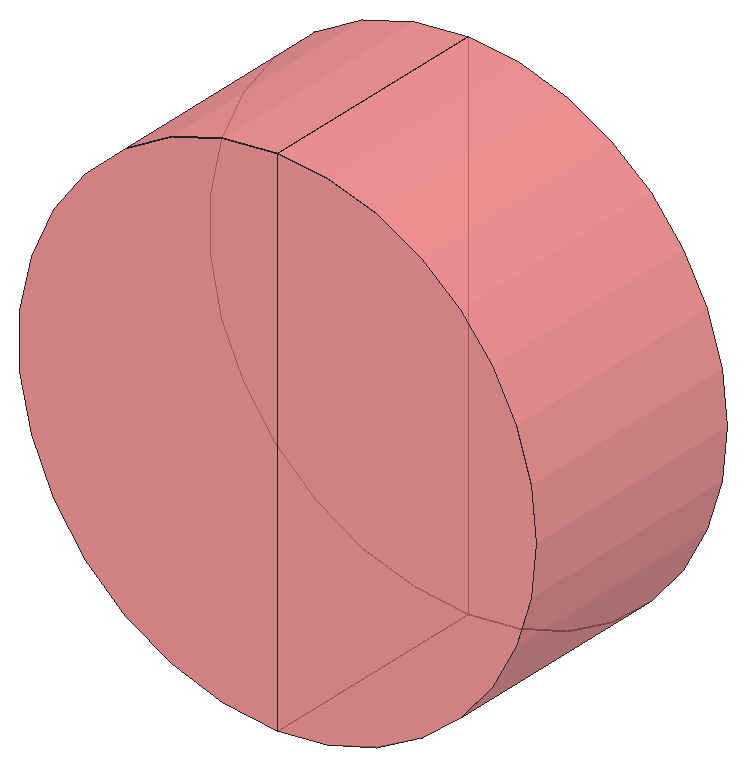
Revit family "М1_ОтверстиеКруглое_Стена", category Обобщенные модели, Revit 2021
Family settings
  Может служить основой для арматурных стержней = Нет
  Размер круглого соединителя = Использовать диаметр
  Тип детали = Нормальный
  На основе рабочей плоскости = Нет
  Всегда вертикально = Да
  При загрузке вырезать с полостями = Да
  Общий = Нет
  Точка принадлежности помещению = Нет
Parameters (values of type "Отверстие_ОВ")
  Отметка по умолчанию = 0 mm
  М1_Отверстие_Выступ [instance] = 1 mm
  Группа модели = "Отверстие в стене"  # constant formula
  ADSK_Размер_Диаметр [instance] = 960 mm
  ADSK_Размер_Глубина [instance] = 440 mm
  ADSK_Отверстие_Функция = "ОВ"
  ADSK_Отверстие_Отметка от этажа [instance] = 0 mm
  ADSK_Наименование = "Отверстие круглое в стене"
  ADSK_Материал = ADSK_Отверстие_ОВ
Reference planes
  plane 1 "По центру (Вперед/Назад)": y = 0
  plane 2: z = 0
  plane 3 "По центру (Влево/Вправо)": x = 0
  plane 4: x = -480
  plane 5: x = 480
  plane 6: y = 220
  plane 7: y = -220
  plane 8: z = 480
  plane 9: z = -480
  plane 10: y = -221
  plane 11: y = 221
Forms (mm)
  Revolve 1, solid, material "ADSK_Отверстие_ОВ" <- "ADSK_Материал"
    sketch origin (0, 0, 0) x (0, 1, 0) y (0, 0, 1)
      loop
        line (221, 0) -> (-221, 0) -> (-221, -480) -> (221, -480) -> (221, 0)
      axis (221, 0) -> (-221, 0)
    angle from 0 to 360
  Revolve 2, void
    sketch origin (0, 0, 0) x (0, 1, 0) y (0, 0, 1)
      loop
        line (-221, 480) -> (-221, 0) -> (221, 0) -> (221, 480) -> (-221, 480)
      axis (-221, 0) -> (221, 0)
    angle from 0 to 360
Dimensions and locks
  equal spacing: plane 4, plane 3 "По центру (Влево/Вправо)", plane 5
  "ADSK_Размер_Диаметр": plane 4 to plane 5
  equal spacing: plane 6, plane 1 "По центру (Вперед/Назад)", plane 7
  "ADSK_Размер_Глубина": plane 6 to plane 7
  equal spacing: plane 8, level, plane 9
  "ADSK_Размер_Диаметр": plane 8 to plane 9
  "М1_Отверстие_Выступ": plane 6 to plane 11
  "М1_Отверстие_Выступ": plane 10 to plane 7
  aligned and locked: level to plane 2
  aligned and locked: Revolve 1 sketch curve to level  (x2)
  aligned and locked: Revolve 2 sketch curve to level
  aligned and locked: Revolve 1 to Revolve 2 sketch curve
  aligned and locked: level to Revolve 2 sketch curve
  aligned and locked: Revolve 2 sketch curve to Revolve 1
  aligned and locked: Revolve 1 sketch curve to plane 10
  aligned and locked: Revolve 1 sketch curve to plane 11
  aligned and locked: plane 8 to Revolve 2 sketch curve
  aligned and locked: plane 9 to Revolve 1 sketch curve
Automatic sketch dimensions
  Revolve 1 sketch curve to Revolve 1 sketch curve = 375.329 mm
  Revolve 1 sketch curve to Revolve 1 sketch curve = 302.671 mm
  Revolve 2 sketch curve to plane 7 = 360 mm
  plane 6 to Revolve 2 sketch curve = 240 mm
